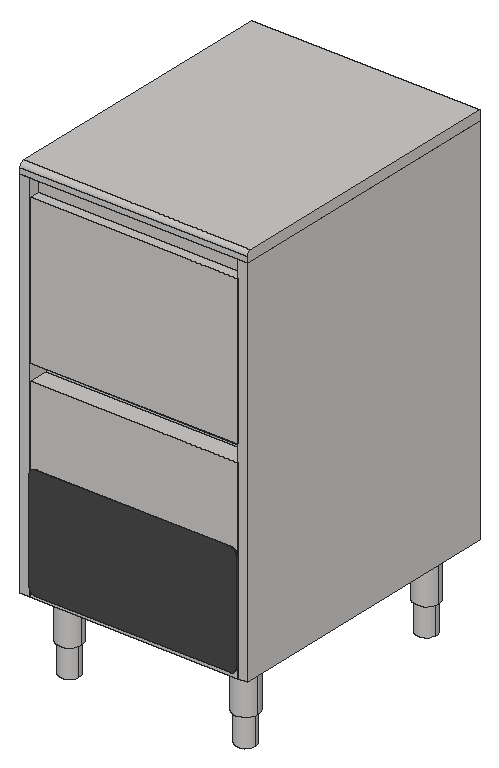
Revit family "QF_ZANUSSI_730321_ICB47I20SDP", category Attrezzature speciali, Revit 2018
Family settings
  Quota connettore circolare = Usa diametro
  Tipo di parte = Normale
  Basato su piano di lavoro = No
  Sempre verticale = Sì
  Taglio con vuoti quando caricato = No
  Condiviso = No
  Punto di calcolo locali = No
Parameters (values of type "Standard")
  Weight = 45.00 kg
  Watts = 1000 W
  Volts = 220 V
  URL Manufacturer = "http://www.zanussiprofessional.com"
  URL = "http://www.zanussiprofessional.com"
  Steam Supply Size = 0 mm
  Steam Supply Minimum Pressure = 0.0 Pa
  Steam Supply Maximum Pressure = 0.0 Pa
  Steam Pounds per Hour = 0
  Show Logo [instance] = yes
  Show Clearance [instance] = yes
  Refrigeration Suction Line Size = 0 mm
  Refrigeration Liquid Line Size = 0 mm
  Refrigerant Compressor Remote = yes
  Produttore = "Zanussi"
  Phase = 1
  Modello = "ICB47I20SDP"
  Length Actual = 465 mm  # constant formula
  Item Number = "730321"
  Hot Water Size = 0 mm
  Height Actual = 894 mm  # constant formula
  HP = "1.3 HP"
  Gas Size = 0 mm
  Gas KW = 0
  Gas Input Pressure = 0 W
  Descrizione = "AIR COOLED ICE CUBER 22GR 47KG/24H-BIN 20KG DRAIN PUMP"
  Depth Actual = 595 mm  # constant formula
  Cycle = 50 Hz
  Condensate Return Size = 0 mm
  Compressed Air Volume = 0.0 L/s
  Compressed Air Size = 0 mm
  Compressed Air Pressure = 0.0 Pa
  Cold Water Size = 19.05 mm
  Accessory = yes
Reference planes
  plane 1 "Center X": y = 272.851
  plane 2: z = 0
  plane 3 "Center Y": x = -501.5
  plane 4 "LEFT": x = -734
  plane 5 "RIGHT": x = -269
  plane 6 "FRONT": y = -24.149
  plane 7 "BACK": y = 569.851
  plane 8: z = 155
  plane 9: z = 944
  plane 10: z = 924
  plane 11: x = -714
  plane 12: x = -289
  plane 13: y = 15.851
Forms (mm)
  Extrusion 1, solid, material "QF_Finishes_Black"
    sketch origin (-217.296, -24.149, 371.513) x (-1, 0, 0) y (0, 0, -1)
      loop
        arc (481.704, -21.487) -> (492.311, -17.093) -> (496.704, -6.487) r 15
        line (496.704, -6.487) -> (496.704, 194.469)
        arc (496.704, 194.469) -> (492.311, 205.075) -> (481.704, 209.469) r 15
        line (481.704, 209.469) -> (86.704, 209.469)
        arc (86.704, 209.469) -> (76.097, 205.075) -> (71.704, 194.469) r 15
        line (71.704, 194.469) -> (71.704, -6.487)
        arc (71.704, -6.487) -> (76.097, -17.093) -> (86.704, -21.487) r 15
        line (86.704, -21.487) -> (481.704, -21.487)
    from 0 to 2
  Extrusion 2, solid, material "QF_Finishes_Stainless Steel"
    sketch origin (-501.5, 0, 0) x (0, 1, 0) y (0, 0, 1)
      loop
        line (569.851, 924) -> (569.851, 944) -> (-14.149, 944)
        arc (-14.149, 944) -> (-21.22, 941.071) -> (-24.149, 934) r 10
        line (-24.149, 934) -> (-24.149, 924) -> (569.851, 924)
    from -232.5 to 232.5
  Extrusion 3, solid, material "QF_Finishes_Stainless Steel"
    sketch origin (-321.2, 569.851, -329.545) x (1, 0, 0) y (0, 0, -1)
      loop
        circle (-16.8, -655.545) r 10
    from 0 to 10
  Extrusion 4, solid, material "QF_Finishes_Stainless Steel"
    sketch origin (0, 0, 0) x (1, 0, 0) y (0, 1, 0)
      loop
        line (-734, 569.851) -> (-734, -24.149) -> (-714, -24.149) -> (-714, 569.851) -> (-734, 569.851)
    from 155 to 924
  Extrusion 5, solid, material "QF_Finishes_Stainless Steel"
    sketch origin (0, 0, 0) x (1, 0, 0) y (0, 1, 0)
      loop
        line (-289, 569.851) -> (-289, -24.149) -> (-269, -24.149) -> (-269, 569.851) -> (-289, 569.851)
    from 155 to 924
  Extrusion 6, solid, material "QF_Finishes_Stainless Steel"
    sketch origin (0, 0, 0) x (1, 0, 0) y (0, 1, 0)
      loop
        line (-714, 569.851) -> (-714, 15.851) -> (-289, 15.851) -> (-289, 569.851) -> (-714, 569.851)
    from 155 to 924
  Extrusion 7, solid, material "QF_Finishes_Stainless Steel"
    sketch origin (0, 0, 0) x (1, 0, 0) y (0, 1, 0)
      loop
        line (-714, -24.149) -> (-289, -24.149) -> (-289, 15.851) -> (-714, 15.851) -> (-714, -24.149)
    from 155 to 550.848
  Extrusion 8, solid, material "QF_Finishes_Stainless Steel"
    sketch origin (-501.5, 0, 0) x (0, 1, 0) y (0, 0, 1)
      loop
        line (15.851, 924) -> (-4.149, 924) -> (-4.149, 888) -> (-24.149, 888) -> (-24.149, 584.768) -> (-4.149, 584.768) -> (-4.149, 569) -> (15.851, 569) -> (15.851, 924)
    from -212.5 to 212.5
  Extrusion 9, solid, material "QF_Finishes_Stainless Steel"
    sketch origin (-303.2, 569.851, -440.545) x (1, 0, 0) y (0, 0, -1)
      loop
        circle (-16.8, -655.545) r 10
    from 0 to 10
  Extrusion 10, solid, material "QF_Finishes_Stainless Steel"
    sketch origin (-363.2, 569.851, -361.545) x (1, 0, 0) y (0, 0, -1)
      loop
        circle (-16.8, -655.545) r 10
    from 0 to 10
Lines and regions (mm)
  Split face 1
    outline origin (-501.5, -4.149, 924) x (0, 0, -1) y (1, 0, 0)
      loop
        line (5.715, 89.928) -> (30.715, 89.928) -> (30.715, 129.928) -> (5.715, 129.928) -> (5.715, 89.928)
  symbolic lines
    curve 1: line (-734, 569.851, 0) -> (-269, 569.851, 0)
    curve 2: line (-734, -24.149, 0) -> (-734, 569.851, 0)
    curve 3: line (-269, -24.149, 0) -> (-734, -24.149, 0)
    curve 4: line (-269, 569.851, 0) -> (-269, -24.149, 0)
Dimensions and locks
  equal spacing: plane 4 "LEFT", plane 3 "Center Y", plane 5 "RIGHT"
  plane 4 "LEFT" to plane 5 "RIGHT" = 465 mm
  equal spacing: plane 7 "BACK", plane 1 "Center X", plane 6 "FRONT"
  plane 7 "BACK" to plane 6 "FRONT" = 594 mm
  plane 8 to plane 2 = 155 mm
  plane 9 to plane 8 = 789 mm
  locked: plane 4 "LEFT" to plane 11 at 20
  locked: plane 12 to plane 5 "RIGHT" at 20
  locked: plane 9 to plane 10 at 20
  locked: plane 13 to plane 6 "FRONT" at 40
  aligned and locked: level to plane 2
  aligned and locked: plane 5 "RIGHT" to Extrusion 2
  aligned and locked: Extrusion 2 to plane 4 "LEFT"
  aligned and locked: Extrusion 4 sketch curve to Extrusion 2  (x2)
  aligned and locked: plane 6 "FRONT" to Extrusion 4 sketch curve
  aligned and locked: Extrusion 4 sketch curve to plane 11
  aligned and locked: Extrusion 5 sketch curve to plane 7 "BACK"
  aligned and locked: plane 12 to Extrusion 5 sketch curve
  aligned and locked: Extrusion 5 sketch curve to Extrusion 2  (x2)
  aligned and locked: plane 10 to Extrusion 4
  aligned and locked: plane 10 to Extrusion 5
  aligned and locked: Extrusion 4 to plane 8
  aligned and locked: Extrusion 5 to plane 8
  aligned and locked: Extrusion 6 sketch curve to Extrusion 4
  aligned and locked: Extrusion 4 to Extrusion 6 sketch curve
  aligned and locked: plane 13 to Extrusion 6 sketch curve
  aligned and locked: Extrusion 6 sketch curve to plane 12
  aligned and locked: plane 10 to Extrusion 6
  aligned and locked: Extrusion 6 to plane 8
  aligned and locked: Extrusion 4 to Extrusion 7 sketch curve
  aligned and locked: Extrusion 7 sketch curve to Extrusion 4
  aligned and locked: plane 13 to Extrusion 7 sketch curve
  aligned and locked: plane 12 to Extrusion 7 sketch curve
  aligned and locked: Extrusion 7 to plane 8
  aligned and locked: plane 12 to Extrusion 8
  aligned and locked: Extrusion 8 to plane 11
Automatic sketch dimensions
  curve 3 to plane 4 "LEFT" = 0 mm
  curve 3 to plane 5 "RIGHT" = 0 mm
  curve 3 to plane 6 "FRONT" = 0 mm
  curve 2 to plane 7 "BACK" = 0 mm
  Extrusion 1 sketch curve to plane 12 = 0 mm
  plane 8 to Extrusion 1 sketch curve = 7.044 mm
  Extrusion 1 sketch curve to Extrusion 1 sketch curve = 15 mm  (x3)
  plane 11 to Extrusion 1 sketch curve = 15 mm  (x2)
  Extrusion 1 sketch curve to Extrusion 1 sketch curve = 200.956 mm
  Extrusion 2 sketch curve to plane 6 "FRONT" = 0 mm
  Extrusion 2 sketch curve to plane 9 = 0 mm
  Extrusion 2 sketch curve to plane 7 "BACK" = 0 mm
  Extrusion 2 sketch curve to plane 10 = 0 mm
  plane 6 "FRONT" to Extrusion 2 sketch curve = 10 mm
  Extrusion 6 to Extrusion 3 sketch curve = 171 mm
  Extrusion 3 sketch curve to Extrusion 6 = 49 mm
  Extrusion 8 sketch curve to plane 6 "FRONT" = 0 mm
  Extrusion 8 sketch curve to plane 10 = 0 mm
  Extrusion 8 sketch curve to plane 13 = 0 mm
  plane 6 "FRONT" to Extrusion 8 sketch curve = 20 mm  (x2)
  Extrusion 8 sketch curve to plane 10 = 36 mm
  Extrusion 8 sketch curve to Extrusion 8 sketch curve = 303.232 mm
  Extrusion 8 sketch curve to Extrusion 8 sketch curve = 15.768 mm
  Split face 1 sketch curve to Extrusion 8 = 5.715 mm
  Extrusion 8 to Split face 1 sketch curve = 5.285 mm
  Split face 1 sketch curve to Extrusion 8 = 122.572 mm
  Split face 1 sketch curve to Split face 1 sketch curve = 40 mm
  Extrusion 9 sketch curve to Extrusion 6 = 31 mm
  Extrusion 6 to Extrusion 9 sketch curve = 60 mm
  Extrusion 10 sketch curve to Extrusion 6 = 91 mm
  Extrusion 6 to Extrusion 10 sketch curve = 139 mm
  radius of Extrusion 3 sketch curve = 10 mm
  radius of Extrusion 9 sketch curve = 10 mm
  radius of Extrusion 10 sketch curve = 10 mm
Nested families
  nested 1: "Foot_Complete" at (-682, 36.851, 0), type "Foot_Complete"
    with H 155 mm
  nested 2: "Foot_Complete" at (-321, 36.851, 0) x (-1, 0, 0) z (0, 0, 1), type "Foot_Complete"
    with H 155 mm
  nested 3: "Foot_Complete" at (-682, 498.851, 0), type "Foot_Complete"
    with H 155 mm
  nested 4: "Foot_Complete" at (-321, 498.851, 0) x (-1, 0, 0) z (0, 0, 1), type "Foot_Complete"
    with H 155 mm
Connectors
  electrical at (-320, 579.851, 215), driven by "Volts"
    settings: on Extrusion 9, index 1, voltage 220 V, apparent load 0 VA, apparent load phase1 0 VA, apparent load phase2 0 VA, apparent load phase3 0 VA, power factor 1, load classification "Altro", number of poles 1, system type 30, power factor state 1, is connector primary yes, connector utility no, sub classification motor no, connector description "Electrical Connection"
  piping at (-338, 579.851, 326), diameter 20
    settings: on Extrusion 3, index 2, connector inside diameter 609.6 mm, connector length 0 mm, flow factor 0, pipe flow 0.0 L/s, pressure drop 0.0 Pa, fitting loss kfactor 0, connector angle 0.00°, fixture units 0, engagement length 0 mm, angle of deflection 0.00°, flow configuration 0, flow direction 0, fitting loss method 0, system type 20, joint type 0, gender type 0, connector reference index -1, connector utility 0, adjustable connector no, is connector primary yes, connector description "Cold water"
  piping at (-380, 579.851, 294), diameter 20
    settings: on Extrusion 10, index 3, connector inside diameter 609.6 mm, connector length 0 mm, flow factor 0, pipe flow 0.0 L/s, pressure drop 0.0 Pa, fitting loss kfactor 0, connector angle 0.00°, fixture units 0, engagement length 0 mm, angle of deflection 0.00°, flow configuration 0, flow direction 0, fitting loss method 0, system type 16, joint type 0, gender type 0, connector reference index -1, connector utility 0, adjustable connector no, is connector primary no, connector description "Drain"
Definition of nested family "Foot_Complete"
  Parameters (values of type "Foot_Complete")
    R = 25 mm
    H = 153 mm
  Reference planes
    plane 1 "Centro (Fronte/Retro)": y = 0
    plane 2: z = 0
    plane 3 "Centro (Sinistra/Destra)": x = 0
    plane 4: z = 153
  Forms (mm)
    Revolve 1, solid
      sketch origin (255.05, 0, 608.09) x (0, 0, 1) y (-1, 0, 0)
        loop
          line (-608.09, 255.05) -> (-608.09, 235.05) -> (-548.09, 235.05) -> (-548.09, 230.05) -> (-455.09, 230.05) -> (-455.09, 255.05) -> (-608.09, 255.05)
        axis (-608.09, 255.05) -> (-455.09, 255.05)
      angle from 0 to 360
  Dimensions and locks
    level to Revolve 1 sketch curve = 60 mm
    "R": Revolve 1 sketch curve to plane 3 "Centro (Sinistra/Destra)"
    "H": plane 4 to level
    aligned and locked: level to plane 2
    aligned and locked: plane 4 to Revolve 1 sketch curve
    aligned and locked: Revolve 1 sketch curve to level
    aligned and locked: plane 3 "Centro (Sinistra/Destra)" to Revolve 1 sketch curve
  Automatic sketch dimensions
    Revolve 1 sketch curve to plane 3 "Centro (Sinistra/Destra)" = 0 mm
    plane 3 "Centro (Sinistra/Destra)" to Revolve 1 sketch curve = 20 mm
    Revolve 1 sketch curve to Revolve 1 sketch curve = 50 mm
    Revolve 1 sketch curve to Revolve 1 sketch curve = 20 mm
